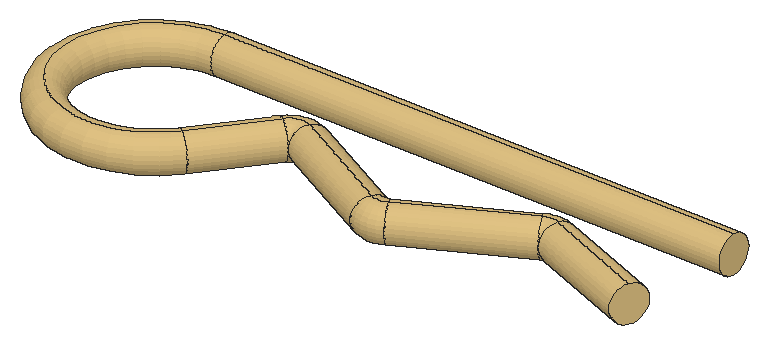
Revit family "COTTER PIN R-5_0250000", category Generic Models, Revit 2018
Family settings
  Can host rebar = No
  Round Connector Dimension = Use Diameter
  Part Type = Normal
  OmniClass Number = 35.51.14.00
  OmniClass Title = FORMWORK
  Work Plane-Based = Yes
  Always vertical = No
  Cut with Voids When Loaded = No
  Shared = Yes
  Room Calculation Point = No
Parameters
  VERSION = "20170217"  # constant formula
  URL = "www.ulmaconstruction.com/en"
  UNICLASS = ""
  Model = ""
  Manufacturer = "ULMA CONSTRUCTION"  # constant formula
  ITEM_WEIGHT = 0.03 kg
  ITEM_CODE = "0250000"
  FILTER [instance] = ""
  Default Elevation = 0 mm
  CLASSIFICATION_TITLE = ""
  CLASSIFICATION_NUMBER = ""
Reference planes
  plane 1 "Centro (Frontal/Posterior)": y = 0
  plane 2: z = 0
  plane 3 "Centro (Izquierda/Derecha)": x = 0
Forms (mm)
  Sweep 1, solid, material "ULMA BICHROMATE", detail levels fine
    path origin (0, 0, 0) x (0, -1, 0) y (1, 0, 0)
      loop
        line (15.5, 33) -> (9.682, 18.6)
        arc (9.682, 18.6) -> (9.503, 17.533) -> (9.793, 16.49) r 2.5
        line (9.793, 16.49) -> (17.686, 1.644)
        arc (17.686, 1.644) -> (17.979, 0.47) -> (17.686, -0.703) r 2.5
        line (17.686, -0.703) -> (9.793, -15.549)
        arc (9.793, -15.549) -> (9.557, -17.254) -> (10.478, -18.707) r 2.5
        line (10.478, -18.707) -> (19.305, -25.48)
        arc (19.305, -25.48) -> (17.307, -45.762) -> (0, -35) r 12
        line (0, -35) -> (0, 35)
    profile origin (35, 0, 0) x (0, 1, 0) y (0, 0, 1)
      loop
        circle (0, 0) r 2.49
Lines and regions (mm)
  model lines, style "ULMA BOLT", detail levels medium
    curve 1: line (33, -15.5, 0) -> (18.6, -9.682, 0)
    curve 2: arc (18.6, -9.682, 0) -> (17.533, -9.503, 0) -> (16.49, -9.793, 0) r 2.5
    curve 3: line (16.49, -9.793, 0) -> (1.644, -17.686, 0)
    curve 4: arc (1.644, -17.686, 0) -> (0.47, -17.979, 0) -> (-0.703, -17.686, 0) r 2.5
    curve 5: line (-0.703, -17.686, 0) -> (-15.549, -9.793, 0)
    curve 6: arc (-15.549, -9.793, 0) -> (-17.254, -9.557, 0) -> (-18.707, -10.478, 0) r 2.5
    curve 7: line (-18.707, -10.478, 0) -> (-25.48, -19.305, 0)
    curve 8: arc (-25.48, -19.305, 0) -> (-45.762, -17.307, 0) -> (-35, 0, 0) r 12
    curve 9: line (-35, 0, 0) -> (35, 0, 0)
Dimensions and locks
  aligned and locked: level to plane 2
